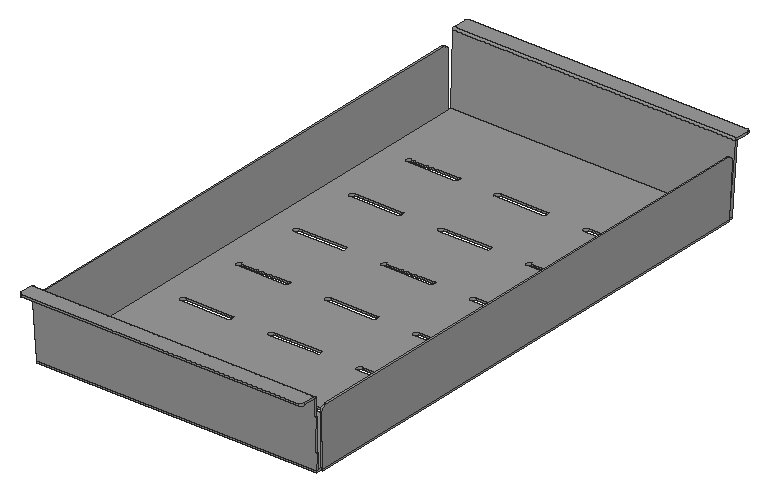
Revit family "ALMA-Jill_500_Colander", category Food Service Equipment, Revit 2026
Family settings
  Round Connector Dimension = Use Diameter
  Part Type = Normal
  Work Plane-Based = Yes
  Enable Cutting in Views = Yes
  Always vertical = Yes
  Cut with Voids When Loaded = No
  Maintain Annotation Orientation = No
  Shared = No
  Room Calculation Point = No
Parameters (values of type "STANDARD - BRUSHED STAINLESS STEEL")
  Material = BM_STAINLESS STEEL
  Default Elevation = 1219.2 mm
Reference planes
  plane 1 "Center (Front/Back)": y = 0
  plane 2: z = 0
  plane 3 "Center (Left/Right)": x = 0
  plane 4: z = 50
  plane 5: x = -120
  plane 6: x = 120
  plane 7: y = 237.505
  plane 8: y = 222.505
  plane 9: y = -237.505
  plane 10: y = -222.505
  plane 11: y = 220.005
  plane 12: y = -220.005
  plane 13: y = 215.005
  plane 14: y = -215.005
Forms (mm)
  Extrusion 1, void
    sketch origin (0, 0, 0) x (0, 1, 0) y (0, 0, 1)
      loop
        line (-220.973, 1.5) -> (-220.973, 0) -> (221.096, 0) -> (221.096, 1.5) -> (-220.973, 1.5)
    from -120 to 120
  Extrusion 2, solid, material "BM_STAINLESS STEEL" <- "Material"
    sketch origin (-72.46, 0, 1.258) x (0, -1, 0) y (-0.025748, 0, 0.999668)
      loop
        arc (-212.283, 50.041) -> (-215.944, 48.447) -> (-217.27, 44.681) r 5
        line (-217.27, 44.681) -> (-215.005, 1.466) -> (215.005, 1.466) -> (217.244, 44.178)
        arc (217.244, 44.178) -> (216.148, 48.257) -> (212.319, 50.041) r 5
        line (212.319, 50.041) -> (-212.283, 50.041)
    from 46.018 to 47.518
  Extrusion 3, void
    sketch origin (0, -25, 0) x (0, 1, 0) y (0, 0, 1)
      loop
        line (-199.415, 59.788) -> (-199.415, 58.5) -> (-197.281, 58.5) -> (-197.281, 59.788) -> (-199.415, 59.788)
    from -125.175 to 124.02
  Extrusion 4, void
    sketch origin (0, 25, 0) x (0, 1, 0) y (0, 0, 1)
      loop
        line (197.141, 58.5) -> (199.722, 58.5) -> (199.722, 59.884) -> (197.141, 59.884) -> (197.141, 58.5)
    from -121.251 to 129.647
  Extrusion 5, solid, material "BM_STAINLESS STEEL" <- "Material"
    sketch origin (0, -25, 0) x (1, 0, 0) y (0, 1, 0)
      loop
        line (-117.5, -212.505) -> (117.473, -212.505)
        arc (117.473, -212.505) -> (119.241, -211.773) -> (119.973, -210.005) r 2.5
        line (119.973, -210.005) -> (119.973, -197.505) -> (-120, -197.505) -> (-120, -210.005)
        arc (-120, -210.005) -> (-119.268, -211.773) -> (-117.5, -212.505) r 2.5
    from 58.5 to 60
  Sweep 6, void
    path in 3D
      loop
        line (119.973, -222.505, 60) -> (-120, -222.505, 60)
    profile origin (-0.013, -222.505, 60) x (0, -1, 0) y (0, 0, 1)
      loop
        line (1.6, 0) -> (0, 0) -> (0, -1.6)
        arc (0, -1.6) -> (0.469, -0.469) -> (1.6, 0) r 1.6
  Extrusion 7, solid, material "BM_STAINLESS STEEL" <- "Material"
    sketch origin (0, 25, 0) x (1, 0, 0) y (0, 1, 0)
      loop
        arc (-117.5, 212.505) -> (-119.268, 211.773) -> (-120, 210.005) r 2.5
        line (-120, 210.005) -> (-120, 197.505) -> (119.973, 197.505) -> (119.973, 210.005)
        arc (119.973, 210.005) -> (119.241, 211.773) -> (117.473, 212.505) r 2.5
        line (117.473, 212.505) -> (-117.5, 212.505)
    from 58.5 to 60
  Sweep 8, void
    path in 3D
      loop
        line (-120, 222.505, 60) -> (119.973, 222.505, 60)
    profile origin (-0.013, 222.505, 60) x (0, 1, 0) y (0, 0, 1)
      loop
        line (1.6, 0) -> (0, 0) -> (0, -1.6)
        arc (0, -1.6) -> (0.469, -0.469) -> (1.6, 0) r 1.6
  Extrusion 9, solid, material "BM_STAINLESS STEEL" <- "Material"
    sketch origin (0, 0, 0) x (0, -1, 0) y (1, 0, 0)
      loop
        line (215.005, -120) -> (215.005, -118.499) -> (220.005, -118.499) -> (220.005, 118.499) -> (215.005, 118.499) -> (215.005, 120) -> (-215.005, 120) -> (-215.005, 118.499) -> (-220.005, 118.499) -> (-220.005, -118.499) -> (-215.005, -118.499) -> (-215.005, -120) -> (215.005, -120)
      loop
        arc (-147.992, -95.036) -> (-145.492, -97.536) -> (-142.992, -95.036) r 2.5
        line (-142.992, -95.036) -> (-142.992, -55.076)
        arc (-142.992, -55.076) -> (-145.492, -52.576) -> (-147.992, -55.076) r 2.5
        line (-147.992, -55.076) -> (-147.992, -95.036)
      loop
        arc (-147.992, -20.036) -> (-145.492, -22.536) -> (-142.992, -20.036) r 2.5
        line (-142.992, -20.036) -> (-142.992, 19.924)
        arc (-142.992, 19.924) -> (-145.492, 22.424) -> (-147.992, 19.924) r 2.5
        line (-147.992, 19.924) -> (-147.992, -20.036)
      loop
        arc (-147.992, 54.964) -> (-145.492, 52.464) -> (-142.992, 54.964) r 2.5
        line (-142.992, 54.964) -> (-142.992, 94.924)
        arc (-142.992, 94.924) -> (-145.492, 97.424) -> (-147.992, 94.924) r 2.5
        line (-147.992, 94.924) -> (-147.992, 54.964)
      loop
        arc (-87.992, -95.036) -> (-85.492, -97.536) -> (-82.992, -95.036) r 2.5
        line (-82.992, -95.036) -> (-82.992, -55.076)
        arc (-82.992, -55.076) -> (-85.492, -52.576) -> (-87.992, -55.076) r 2.5
        line (-87.992, -55.076) -> (-87.992, -95.036)
      loop
        arc (-87.992, -20.036) -> (-85.492, -22.536) -> (-82.992, -20.036) r 2.5
        line (-82.992, -20.036) -> (-82.992, 19.924)
        arc (-82.992, 19.924) -> (-85.492, 22.424) -> (-87.992, 19.924) r 2.5
        line (-87.992, 19.924) -> (-87.992, -20.036)
      loop
        arc (-87.992, 54.964) -> (-85.492, 52.464) -> (-82.992, 54.964) r 2.5
        line (-82.992, 54.964) -> (-82.992, 94.924)
        arc (-82.992, 94.924) -> (-85.492, 97.424) -> (-87.992, 94.924) r 2.5
        line (-87.992, 94.924) -> (-87.992, 54.964)
      loop
        arc (-27.984, -95.036) -> (-25.484, -97.536) -> (-22.984, -95.036) r 2.5
        line (-22.984, -95.036) -> (-22.984, -55.076)
        arc (-22.984, -55.076) -> (-25.484, -52.576) -> (-27.984, -55.076) r 2.5
        line (-27.984, -55.076) -> (-27.984, -95.036)
      loop
        arc (-27.984, -20.036) -> (-25.484, -22.536) -> (-22.984, -20.036) r 2.5
        line (-22.984, -20.036) -> (-22.984, 19.924)
        arc (-22.984, 19.924) -> (-25.484, 22.424) -> (-27.984, 19.924) r 2.5
        line (-27.984, 19.924) -> (-27.984, -20.036)
      loop
        arc (-27.984, 54.964) -> (-25.484, 52.464) -> (-22.984, 54.964) r 2.5
        line (-22.984, 54.964) -> (-22.984, 94.924)
        arc (-22.984, 94.924) -> (-25.484, 97.424) -> (-27.984, 94.924) r 2.5
        line (-27.984, 94.924) -> (-27.984, 54.964)
      loop
        arc (32.008, -95.036) -> (34.508, -97.536) -> (37.008, -95.036) r 2.5
        line (37.008, -95.036) -> (37.008, -55.076)
        arc (37.008, -55.076) -> (34.508, -52.576) -> (32.008, -55.076) r 2.5
        line (32.008, -55.076) -> (32.008, -95.036)
      loop
        arc (32.008, -20.036) -> (34.508, -22.536) -> (37.008, -20.036) r 2.5
        line (37.008, -20.036) -> (37.008, 19.924)
        arc (37.008, 19.924) -> (34.508, 22.424) -> (32.008, 19.924) r 2.5
        line (32.008, 19.924) -> (32.008, -20.036)
      loop
        arc (32.008, 54.964) -> (34.508, 52.464) -> (37.008, 54.964) r 2.5
        line (37.008, 54.964) -> (37.008, 94.924)
        arc (37.008, 94.924) -> (34.508, 97.424) -> (32.008, 94.924) r 2.5
        line (32.008, 94.924) -> (32.008, 54.964)
      loop
        arc (91.999, -95.036) -> (94.499, -97.536) -> (96.999, -95.036) r 2.5
        line (96.999, -95.036) -> (96.999, -55.076)
        arc (96.999, -55.076) -> (94.499, -52.576) -> (91.999, -55.076) r 2.5
        line (91.999, -55.076) -> (91.999, -95.036)
      loop
        arc (91.999, -20.036) -> (94.499, -22.536) -> (96.999, -20.036) r 2.5
        line (96.999, -20.036) -> (96.999, 19.924)
        arc (96.999, 19.924) -> (94.499, 22.424) -> (91.999, 19.924) r 2.5
        line (91.999, 19.924) -> (91.999, -20.036)
      loop
        arc (91.999, 54.964) -> (94.499, 52.464) -> (96.999, 54.964) r 2.5
        line (96.999, 54.964) -> (96.999, 94.924)
        arc (96.999, 94.924) -> (94.499, 97.424) -> (91.999, 94.924) r 2.5
        line (91.999, 94.924) -> (91.999, 54.964)
      loop
        arc (151.991, -95.036) -> (154.491, -97.536) -> (156.991, -95.036) r 2.5
        line (156.991, -95.036) -> (156.991, -55.076)
        arc (156.991, -55.076) -> (154.491, -52.576) -> (151.991, -55.076) r 2.5
        line (151.991, -55.076) -> (151.991, -95.036)
      loop
        arc (151.991, -20.036) -> (154.491, -22.536) -> (156.991, -20.036) r 2.5
        line (156.991, -20.036) -> (156.991, 19.924)
        arc (156.991, 19.924) -> (154.491, 22.424) -> (151.991, 19.924) r 2.5
        line (151.991, 19.924) -> (151.991, -20.036)
      loop
        arc (151.991, 54.964) -> (154.491, 52.464) -> (156.991, 54.964) r 2.5
        line (156.991, 54.964) -> (156.991, 94.924)
        arc (156.991, 94.924) -> (154.491, 97.424) -> (151.991, 94.924) r 2.5
        line (151.991, 94.924) -> (151.991, 54.964)
    from 0 to 1.5
  Extrusion 10, solid, material "BM_STAINLESS STEEL" <- "Material"
    sketch origin (0, -30.327, 12.758) x (1, 0, 0) y (0, -0.070329, 0.997524)
      loop
        line (-120.03, 60.132) -> (-118.461, 1.047) -> (118.477, 1.047) -> (119.999, 60.132) -> (-120.03, 60.132)
    from 188.5 to 190
  Extrusion 11, solid, material "BM_STAINLESS STEEL" <- "Material"
    sketch origin (0, 30.327, 12.758) x (1, 0, 0) y (0, -0.070329, -0.997524)
      loop
        line (-120.009, -60.132) -> (120.002, -60.132) -> (118.48, -1.047) -> (-118.482, -1.047) -> (-120.009, -60.132)
    from 188.5 to 190
  Extrusion 12, solid, material "BM_STAINLESS STEEL" <- "Material"
    sketch origin (72.46, 0, 1.258) x (0, -1, 0) y (-0.025748, 0, -0.999668)
      loop
        line (-212.283, -50.041) -> (212.319, -50.041)
        arc (212.319, -50.041) -> (216.148, -48.257) -> (217.244, -44.178) r 5
        line (217.244, -44.178) -> (215.005, -1.466) -> (-215.005, -1.466) -> (-217.27, -44.681)
        arc (-217.27, -44.681) -> (-215.944, -48.447) -> (-212.283, -50.041) r 5
    from 46.018 to 47.518
Cuts and joins
  Sweep 6 cuts Extrusion 5
  Sweep 8 cuts Extrusion 7
  Extrusion 1, Extrusion 3 cuts Extrusion 10
  Extrusion 1, Extrusion 4 cuts Extrusion 11
Lines and regions (mm)
  sketch lines
    curve 1: line (119.973, -222.505, 60) -> (-120, -222.505, 60)
    curve 2: line (-120, 222.505, 60) -> (119.973, 222.505, 60)
Text (mm)
  text "Refer to www.buildmat.com.au for the most current product literature. \nAllow a +/- 5mm tolerance for dimensions shown in the product literature. \nPlease note product details are subject to change due to ongoing product development." at (-23.416, -485.673, 0), in view "Ref. Level"
Dimensions and locks
  plane 7 to plane 9 = 475.011 mm
  plane 5 to plane 6 = 240 mm
  aligned and locked: level to plane 2
